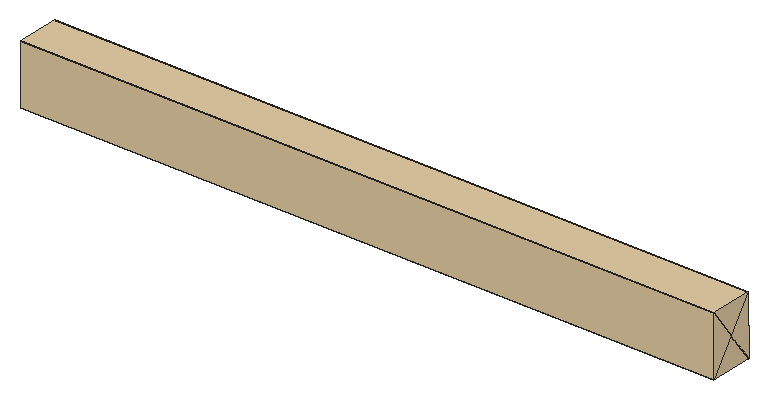
Revit family "Chevron_X", category Ossature, Revit 2019
Family settings
  Arrondi de la longueur d'ossature = 1 mm
  Forme de coupe = Barre ronde
  Matériau pour le comportement du modèle = Bois
  Toujours exporter comme géométrie = Non
  Toujours verticalement = Oui
  Couper avec des vides une fois chargée = Oui
  Représentation symbolique = A partir des paramètres du projet
  Partagée = Non
  Afficher le prédécoupage de famille dans les vues en plan = Oui
Parameters (values of type "75x105")
  Structural Material [instance] = Bois - Bois de construction de dimensions courantes
  Diamètre = 0 mm
  Assembly Code = ""
  Centroid Vertical = 0 mm
  Centroid Horizontal = 0 mm
  A = 0.02 m²
  Ix = 3174
  Iy = 3174
  Length [instance] = 1524 mm
  Sx = 454.4
  Sy = 454.4
  b = 75 mm
  d = 105 mm
Types (2, lengths in mm): name | Diamètre | b | d
  80x180 | 10.0 cm | 80 | 180
  75x105 | 0 | 75 | 105
Reference planes
  plane 1 "Centre (avant/arrière)": y = 0
  plane 2: z = 0
  plane 3 "Centre (gauche/droite)": x = 4.61
  plane 4 "Membre gauche": x = -604.99
  plane 5 "Membre droit": x = 614.21
  plane 6: y = 37.5
  plane 7: y = -37.5
  plane 8: z = 52.5
  plane 9: z = -52.5
  plane 10 "Gauche": x = -757.39
  plane 11 "Symbole filaire à gauche": x = -452.59
  plane 12 "Symbole filaire à droite": x = 461.81
  plane 13 "Droite": x = 766.61
Forms (mm)
  Extrusion 1, solid, material "Bois - Bois de construction de dimensions courantes" <- "Structural Material"
    sketch origin (4.61, 0, 0) x (0, 1, 0) y (0, 0, 1)
      loop
        line (-37.5, 52.5) -> (-37.5, -52.5) -> (0, 0) -> (-37.5, 52.5)
    from -609.6 to 609.6
  Extrusion 2, solid, material "Bois - Bois de construction de dimensions courantes" <- "Structural Material"
    sketch origin (4.61, 0, 0) x (0, 1, 0) y (0, 0, 1)
      loop
        line (37.5, 52.5) -> (0, 0) -> (37.5, -52.5) -> (37.5, 52.5)
    from -609.6 to 609.6
  Extrusion 3, solid, material "Bois - Bois de construction de dimensions courantes" <- "Structural Material"
    sketch origin (4.61, 0, 0) x (0, 1, 0) y (0, 0, 1)
      loop
        line (37.5, 52.5) -> (-37.5, 52.5) -> (0, 0) -> (37.5, 52.5)
    from -609.6 to 609.6
  Extrusion 4, solid, material "Bois - Bois de construction de dimensions courantes" <- "Structural Material"
    sketch origin (4.61, 0, 0) x (0, 1, 0) y (0, 0, 1)
      loop
        line (37.5, -52.5) -> (0, 0) -> (-37.5, -52.5) -> (37.5, -52.5)
    from -609.6 to 609.6
Lines and regions (mm)
  reference lines
    curve 1: line (4.61, -37.5, 52.5) -> (4.61, 37.5, -52.5)
    curve 2: line (4.61, 37.5, 52.5) -> (4.61, -37.5, -52.5)
Dimensions and locks
  "b": plane 6 to plane 7
  "d": plane 9 to plane 8
  equal spacing: plane 9, plane 2, plane 8
  equal spacing: plane 6, plane 1 "Centre (avant/arrière)", plane 7
  "Length": plane 10 "Gauche" to plane 13 "Droite"
  aligned and locked: Extrusion 1 sketch curve to curve 1
  aligned and locked: Extrusion 1 sketch curve to plane 7
  aligned and locked: curve 2 to Extrusion 1 sketch curve
  aligned and locked: Extrusion 2 sketch curve to plane 6
  aligned and locked: Extrusion 2 sketch curve to curve 2
  aligned and locked: curve 1 to Extrusion 2 sketch curve
  aligned and locked: Extrusion 3 sketch curve to plane 8
  aligned and locked: Extrusion 3 sketch curve to Extrusion 2
  aligned and locked: Extrusion 3 sketch curve to Extrusion 1
  aligned and locked: Extrusion 4 sketch curve to plane 9
  aligned and locked: Extrusion 4 sketch curve to Extrusion 1
  aligned and locked: Extrusion 4 sketch curve to Extrusion 2
  aligned and locked: plane 4 "Membre gauche" to Extrusion 3
  aligned and locked: Extrusion 3 to plane 5 "Membre droit"
  aligned and locked: Extrusion 1 to plane 5 "Membre droit"
  aligned and locked: plane 4 "Membre gauche" to Extrusion 1
  aligned and locked: plane 4 "Membre gauche" to Extrusion 4
  aligned and locked: Extrusion 4 to plane 5 "Membre droit"
  aligned and locked: Extrusion 2 to plane 5 "Membre droit"
  aligned and locked: plane 4 "Membre gauche" to Extrusion 2
Automatic sketch dimensions
  curve 2 to plane 7 = 0 mm
  curve 1 to plane 7 = 0 mm
  curve 2 to plane 6 = 0 mm
  curve 1 to plane 6 = 0 mm
  plane 9 to curve 1 = 0 mm
  plane 9 to curve 2 = 0 mm
  plane 8 to curve 2 = 0 mm
  plane 8 to curve 1 = 0 mm
